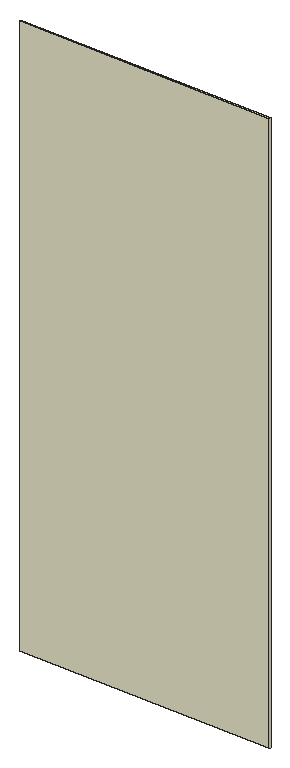
Revit family "MDF MR Chevron", category Generic Models, Revit 2017
Family settings
  Can host rebar = No
  Round Connector Dimension = Use Diameter
  Part Type = Normal
  Work Plane-Based = No
  Always vertical = Yes
  Cut with Voids When Loaded = No
  Shared = Yes
  Room Calculation Point = No
Parameters (values of type "2720 x 1200")
  Primed Finich Code = "EX27 MR-CHE"  # constant formula
  Panel_width = 1200 mm  # constant formula
  Panel_thickness = 9.5 mm  # constant formula
  Material = none
  URL = "https://www.easycraft.com.au/products/253/expression-series"
  Model = "Expression Series - Chevron"  # constant formula
  Manufacturer = "Easycraft Australia Pty Ltd ph 07 3906 7200"  # constant formula
  Panel_height = 2720 mm  # constant formula
  Description = "MDF MR"  # constant formula
  Assembly Code = ""
Reference planes
  plane 1 "Center (Front/Back)": y = 0
  plane 2: z = 0
  plane 3 "Center (Left/Right)": x = 0
  plane 4 "Panel face": y = -9.5
  plane 5: z = 2720
Forms (mm)
  Extrusion 1, solid, material "CLAD smooth"
    sketch origin (0, 0, 0) x (1, 0, 0) y (0, 1, 0)
      loop
        line (0, 0) -> (0, -9.5) -> (1200, -9.5) -> (1200, 0) -> (0, 0)
    from 0 to 2720
Lines and regions (mm)
  model lines, style "easycraft expressions pattern"
    curve 1: line (748.908, -10, 0) -> (748.908, -10, 2720)
    curve 2: line (450.864, -10, 0) -> (450.864, -10, 2720)
    curve 3: line (1200, -10, 58.221) -> (1141.551, -10, 0)
    curve 4: line (959.361, -10, 0) -> (899.799, -10, 59.562)
    curve 5: line (899.799, -10, 59.562) -> (840.003, -10, 0)
    curve 6: line (661.317, -10, 0) -> (601.755, -10, 59.562)
    curve 7: line (601.755, -10, 59.562) -> (538.689, -10, 0)
    curve 8: line (359.769, -10, 0) -> (300.207, -10, 59.562)
    curve 9: line (300.207, -10, 59.562) -> (240.645, -10, 0)
    curve 10: line (58.222, -10, 0) -> (0, -10, 58.222)
    curve 11: line (0, -10, 198.368) -> (149.317, -10, 49.051)
    curve 12: line (149.317, -10, 49.051) -> (300.207, -10, 199.708)
    curve 13: line (300.207, -10, 199.708) -> (450.864, -10, 49.051)
    curve 14: line (450.864, -10, 49.051) -> (601.755, -10, 199.708)
    curve 15: line (601.755, -10, 199.708) -> (748.908, -10, 49.051)
    curve 16: line (748.908, -10, 49.051) -> (899.799, -10, 199.708)
    curve 17: line (899.799, -10, 199.708) -> (1050.456, -10, 49.051)
    curve 18: line (1050.456, -10, 49.051) -> (1200, -10, 198.364)
    curve 19: line (1200, -10, 338.741) -> (1050.456, -10, 189.197)
    curve 20: line (1050.456, -10, 189.197) -> (899.799, -10, 340.088)
    curve 21: line (899.799, -10, 340.088) -> (748.908, -10, 189.197)
    curve 22: line (748.908, -10, 189.197) -> (601.755, -10, 340.088)
    curve 23: line (601.755, -10, 340.088) -> (450.864, -10, 189.197)
    curve 24: line (450.864, -10, 189.197) -> (300.207, -10, 340.088)
    curve 25: line (300.207, -10, 340.088) -> (149.317, -10, 189.197)
    curve 26: line (149.317, -10, 189.197) -> (0, -10, 338.746)
    curve 27: line (0, -10, 478.894) -> (149.317, -10, 329.577)
    curve 28: line (149.317, -10, 329.577) -> (300.207, -10, 480.234)
    curve 29: line (300.207, -10, 480.234) -> (450.864, -10, 329.577)
    curve 30: line (450.864, -10, 329.577) -> (601.755, -10, 480.234)
    curve 31: line (601.755, -10, 480.234) -> (748.908, -10, 329.577)
    curve 32: line (748.908, -10, 329.577) -> (899.799, -10, 480.234)
    curve 33: line (899.799, -10, 480.234) -> (1050.456, -10, 329.577)
    curve 34: line (1050.456, -10, 329.577) -> (1200, -10, 478.89)
    curve 35: line (1200, -10, 619.036) -> (1050.456, -10, 469.723)
    curve 36: line (1050.456, -10, 469.723) -> (899.799, -10, 620.38)
    curve 37: line (899.799, -10, 620.38) -> (748.908, -10, 469.723)
    curve 38: line (748.908, -10, 469.723) -> (601.755, -10, 620.38)
    curve 39: line (601.755, -10, 620.38) -> (450.864, -10, 469.723)
    curve 40: line (450.864, -10, 469.723) -> (300.207, -10, 620.38)
    curve 41: line (300.207, -10, 620.38) -> (149.317, -10, 469.723)
    curve 42: line (149.317, -10, 469.723) -> (0, -10, 619.04)
    curve 43: line (0, -10, 759.417) -> (149.317, -10, 609.869)
    curve 44: line (149.317, -10, 609.869) -> (300.207, -10, 760.759)
    curve 45: line (300.207, -10, 760.759) -> (450.864, -10, 609.869)
    curve 46: line (450.864, -10, 609.869) -> (601.755, -10, 760.759)
    curve 47: line (601.755, -10, 760.759) -> (748.908, -10, 609.869)
    curve 48: line (748.908, -10, 609.869) -> (899.799, -10, 760.759)
    curve 49: line (899.799, -10, 760.759) -> (1050.456, -10, 609.869)
    curve 50: line (1050.456, -10, 609.869) -> (1200, -10, 759.413)
    curve 51: line (1200, -10, 899.561) -> (1050.456, -10, 750.248)
    curve 52: line (1050.456, -10, 750.248) -> (899.799, -10, 900.905)
    curve 53: line (899.799, -10, 900.905) -> (748.908, -10, 750.248)
    curve 54: line (748.908, -10, 750.248) -> (601.755, -10, 900.905)
    curve 55: line (601.755, -10, 900.905) -> (450.864, -10, 750.248)
    curve 56: line (450.864, -10, 750.248) -> (300.207, -10, 900.905)
    curve 57: line (300.207, -10, 900.905) -> (149.317, -10, 750.248)
    curve 58: line (149.317, -10, 750.248) -> (0, -10, 899.565)
    curve 59: line (0, -10, 1039.711) -> (149.317, -10, 890.394)
    curve 60: line (149.317, -10, 890.394) -> (300.207, -10, 1041.051)
    curve 61: line (300.207, -10, 1041.051) -> (450.864, -10, 890.394)
    curve 62: line (450.864, -10, 890.394) -> (601.755, -10, 1041.051)
    curve 63: line (601.755, -10, 1041.051) -> (748.908, -10, 890.394)
    curve 64: line (748.908, -10, 890.394) -> (899.799, -10, 1041.051)
    curve 65: line (899.799, -10, 1041.051) -> (1050.456, -10, 890.394)
    curve 66: line (1050.456, -10, 890.394) -> (1200, -10, 1039.707)
    curve 67: line (1200, -10, 1179.853) -> (1050.456, -10, 1030.54)
    curve 68: line (1050.456, -10, 1030.54) -> (899.799, -10, 1181.197)
    curve 69: line (899.799, -10, 1181.197) -> (748.908, -10, 1030.54)
    curve 70: line (748.908, -10, 1030.54) -> (601.755, -10, 1181.197)
    curve 71: line (601.755, -10, 1181.197) -> (450.864, -10, 1030.54)
    curve 72: line (450.864, -10, 1030.54) -> (300.207, -10, 1181.197)
    curve 73: line (300.207, -10, 1181.197) -> (149.317, -10, 1030.54)
    curve 74: line (149.317, -10, 1030.54) -> (0, -10, 1179.857)
    curve 75: line (0, -10, 1320.235) -> (149.317, -10, 1170.686)
    curve 76: line (149.317, -10, 1170.686) -> (300.207, -10, 1321.577)
    curve 77: line (300.207, -10, 1321.577) -> (450.864, -10, 1170.686)
    curve 78: line (450.864, -10, 1170.686) -> (601.755, -10, 1321.577)
    curve 79: line (601.755, -10, 1321.577) -> (748.908, -10, 1170.686)
    curve 80: line (748.908, -10, 1170.686) -> (899.799, -10, 1321.577)
    curve 81: line (899.799, -10, 1321.577) -> (1050.456, -10, 1170.686)
    curve 82: line (1050.456, -10, 1170.686) -> (1200, -10, 1320.231)
    curve 83: line (1200, -10, 1460.379) -> (1050.456, -10, 1311.066)
    curve 84: line (1050.456, -10, 1311.066) -> (899.799, -10, 1461.723)
    curve 85: line (899.799, -10, 1461.723) -> (748.908, -10, 1311.066)
    curve 86: line (748.908, -10, 1311.066) -> (601.755, -10, 1461.723)
    curve 87: line (601.755, -10, 1461.723) -> (450.864, -10, 1311.066)
    curve 88: line (450.864, -10, 1311.066) -> (300.207, -10, 1461.723)
    curve 89: line (300.207, -10, 1461.723) -> (149.317, -10, 1311.066)
    curve 90: line (149.317, -10, 1311.066) -> (0, -10, 1460.383)
    curve 91: line (0, -10, 1600.529) -> (149.317, -10, 1451.212)
    curve 92: line (149.317, -10, 1451.212) -> (300.207, -10, 1601.869)
    curve 93: line (300.207, -10, 1601.869) -> (450.864, -10, 1451.212)
    curve 94: line (450.864, -10, 1451.212) -> (601.755, -10, 1601.869)
    curve 95: line (601.755, -10, 1601.869) -> (748.908, -10, 1451.212)
    curve 96: line (748.908, -10, 1451.212) -> (899.799, -10, 1601.869)
    curve 97: line (899.799, -10, 1601.869) -> (1050.456, -10, 1451.212)
    curve 98: line (1050.456, -10, 1451.212) -> (1200, -10, 1600.525)
    curve 99: line (1200, -10, 1737.198) -> (1050.456, -10, 1591.358)
    curve 100: line (1050.456, -10, 1591.358) -> (899.799, -10, 1738.511)
    curve 101: line (899.799, -10, 1738.511) -> (748.908, -10, 1591.358)
    curve 102: line (748.908, -10, 1591.358) -> (601.755, -10, 1738.511)
    curve 103: line (601.755, -10, 1738.511) -> (450.864, -10, 1591.358)
    curve 104: line (450.864, -10, 1591.358) -> (300.207, -10, 1738.511)
    curve 105: line (300.207, -10, 1738.511) -> (149.317, -10, 1591.358)
    curve 106: line (149.317, -10, 1591.358) -> (0, -10, 1737.202)
    curve 107: line (0, -10, 1877.58) -> (149.317, -10, 1731.504)
    curve 108: line (149.317, -10, 1731.504) -> (300.207, -10, 1878.891)
    curve 109: line (300.207, -10, 1878.891) -> (450.864, -10, 1731.504)
    curve 110: line (450.864, -10, 1731.504) -> (601.755, -10, 1878.891)
    curve 111: line (601.755, -10, 1878.891) -> (748.908, -10, 1731.504)
    curve 112: line (748.908, -10, 1731.504) -> (899.799, -10, 1878.891)
    curve 113: line (899.799, -10, 1878.891) -> (1050.456, -10, 1731.504)
    curve 114: line (1050.456, -10, 1731.504) -> (1200, -10, 1877.576)
    curve 115: line (1200, -10, 2017.724) -> (1050.456, -10, 1871.883)
    curve 116: line (1050.456, -10, 1871.883) -> (899.799, -10, 2019.036)
    curve 117: line (899.799, -10, 2019.036) -> (748.908, -10, 1871.883)
    curve 118: line (748.908, -10, 1871.883) -> (601.755, -10, 2019.036)
    curve 119: line (601.755, -10, 2019.036) -> (450.864, -10, 1871.883)
    curve 120: line (450.864, -10, 1871.883) -> (300.207, -10, 2019.036)
    curve 121: line (300.207, -10, 2019.036) -> (149.317, -10, 1871.883)
    curve 122: line (149.317, -10, 1871.883) -> (0, -10, 2017.728)
    curve 123: line (0, -10, 2157.842) -> (149.317, -10, 2008.526)
    curve 124: line (149.317, -10, 2008.526) -> (300.207, -10, 2159.182)
    curve 125: line (300.207, -10, 2159.182) -> (450.864, -10, 2008.526)
    curve 126: line (450.864, -10, 2008.526) -> (601.755, -10, 2159.182)
    curve 127: line (601.755, -10, 2159.182) -> (748.908, -10, 2008.526)
    curve 128: line (748.908, -10, 2008.526) -> (899.799, -10, 2159.182)
    curve 129: line (899.799, -10, 2159.182) -> (1050.456, -10, 2008.526)
    curve 130: line (1050.456, -10, 2008.526) -> (1200, -10, 2157.838)
    curve 131: line (1200, -10, 2297.984) -> (1050.456, -10, 2148.672)
    curve 132: line (1050.456, -10, 2148.672) -> (899.799, -10, 2299.328)
    curve 133: line (899.799, -10, 2299.328) -> (748.908, -10, 2148.672)
    curve 134: line (748.908, -10, 2148.672) -> (601.755, -10, 2299.328)
    curve 135: line (601.755, -10, 2299.328) -> (450.864, -10, 2148.672)
    curve 136: line (450.864, -10, 2148.672) -> (300.207, -10, 2299.328)
    curve 137: line (300.207, -10, 2299.328) -> (149.317, -10, 2148.672)
    curve 138: line (149.317, -10, 2148.672) -> (0, -10, 2297.988)
    curve 139: line (1200, -10, 2434.658) -> (1050.456, -10, 2288.818)
    curve 140: line (1050.456, -10, 2288.818) -> (899.799, -10, 2435.971)
    curve 141: line (899.799, -10, 2435.971) -> (748.908, -10, 2288.818)
    curve 142: line (748.908, -10, 2288.818) -> (601.755, -10, 2435.971)
    curve 143: line (601.755, -10, 2435.971) -> (450.864, -10, 2288.818)
    curve 144: line (450.864, -10, 2288.818) -> (300.207, -10, 2435.971)
    curve 145: line (300.207, -10, 2435.971) -> (149.317, -10, 2288.818)
    curve 146: line (149.317, -10, 2288.818) -> (0, -10, 2434.662)
    curve 147: line (0, -10, 2575.039) -> (149.317, -10, 2428.964)
    curve 148: line (149.317, -10, 2428.964) -> (300.207, -10, 2576.35)
    curve 149: line (300.207, -10, 2576.35) -> (450.864, -10, 2428.964)
    curve 150: line (450.864, -10, 2428.964) -> (601.755, -10, 2576.35)
    curve 151: line (601.755, -10, 2576.35) -> (748.908, -10, 2428.964)
    curve 152: line (748.908, -10, 2428.964) -> (899.799, -10, 2576.35)
    curve 153: line (899.799, -10, 2576.35) -> (1050.456, -10, 2428.964)
    curve 154: line (1050.456, -10, 2428.964) -> (1200, -10, 2575.035)
    curve 155: line (1200, -10, 2715.184) -> (1050.456, -10, 2569.343)
    curve 156: line (1050.456, -10, 2569.343) -> (899.799, -10, 2716.496)
    curve 157: line (899.799, -10, 2716.496) -> (748.908, -10, 2569.343)
    curve 158: line (748.908, -10, 2569.343) -> (601.755, -10, 2716.496)
    curve 159: line (601.755, -10, 2716.496) -> (450.864, -10, 2569.343)
    curve 160: line (450.864, -10, 2569.343) -> (300.207, -10, 2716.496)
    curve 161: line (300.207, -10, 2716.496) -> (149.317, -10, 2569.343)
    curve 162: line (149.317, -10, 2569.343) -> (0, -10, 2715.188)
    curve 163: line (135.302, -10, 2720) -> (149.317, -10, 2705.985)
    curve 164: line (149.317, -10, 2705.985) -> (163.353, -10, 2720)
    curve 165: line (436.85, -10, 2720) -> (450.864, -10, 2705.985)
    curve 166: line (450.864, -10, 2705.985) -> (464.901, -10, 2720)
    curve 167: line (735.219, -10, 2720) -> (748.908, -10, 2705.985)
    curve 168: line (748.908, -10, 2705.985) -> (762.945, -10, 2720)
    curve 169: line (1036.441, -10, 2720) -> (1050.456, -10, 2705.985)
    curve 170: line (1050.456, -10, 2705.985) -> (1064.492, -10, 2720)
    curve 171: line (149.317, -10, 0) -> (149.317, -10, 2720)
    curve 172: line (1050.456, -10, 0) -> (1050.456, -10, 2720)
    curve 173: line (300.207, -10, 0) -> (300.207, -10, 2720)
    curve 174: line (601.521, -10, 0) -> (601.521, -10, 2720)
    curve 175: line (899.799, -10, 0) -> (899.799, -10, 2720)
Dimensions and locks
  "Panel_thickness": plane 4 "Panel face" to plane 1 "Center (Front/Back)"
  "Panel_width": Extrusion 1 to Extrusion 1
  "Panel_height": plane 5 to plane 2
  aligned and locked: level to plane 2
  aligned and locked: Extrusion 1 to level
  aligned and locked: plane 4 "Panel face" to Extrusion 1
Automatic sketch dimensions
  curve 26 to plane 3 "Center (Left/Right)" = 0 mm
  curve 162 to plane 3 "Center (Left/Right)" = 0 mm
  curve 138 to plane 3 "Center (Left/Right)" = 0 mm
  curve 27 to plane 3 "Center (Left/Right)" = 0 mm
  curve 122 to plane 3 "Center (Left/Right)" = 0 mm
  curve 123 to plane 3 "Center (Left/Right)" = 0 mm
  curve 58 to plane 3 "Center (Left/Right)" = 0 mm
  curve 59 to plane 3 "Center (Left/Right)" = 0 mm
  curve 75 to plane 3 "Center (Left/Right)" = 0 mm
  curve 74 to plane 3 "Center (Left/Right)" = 0 mm
  curve 90 to plane 3 "Center (Left/Right)" = 0 mm
  curve 91 to plane 3 "Center (Left/Right)" = 0 mm
  curve 42 to plane 3 "Center (Left/Right)" = 0 mm
  curve 43 to plane 3 "Center (Left/Right)" = 0 mm
  curve 11 to plane 3 "Center (Left/Right)" = 0 mm
  curve 106 to plane 3 "Center (Left/Right)" = 0 mm
  curve 147 to plane 3 "Center (Left/Right)" = 0 mm
  curve 146 to plane 3 "Center (Left/Right)" = 0 mm
  curve 10 to plane 3 "Center (Left/Right)" = 0 mm
  curve 107 to plane 3 "Center (Left/Right)" = 0 mm
  curve 10 to level = 0 mm
  curve 171 to level = 0 mm
  curve 9 to level = 0 mm
  curve 173 to level = 0 mm
  curve 8 to level = 0 mm
  curve 2 to level = 0 mm
  curve 7 to level = 0 mm
  curve 174 to level = 0 mm
  curve 6 to level = 0 mm
  curve 1 to level = 0 mm
  curve 5 to level = 0 mm
  curve 175 to level = 0 mm
  curve 4 to level = 0 mm
  curve 172 to level = 0 mm
  curve 3 to level = 0 mm
  level to curve 12 = 49.051 mm
  plane 3 "Center (Left/Right)" to curve 12 = 149.317 mm
  plane 3 "Center (Left/Right)" to curve 146 = 149.317 mm
  plane 3 "Center (Left/Right)" to curve 44 = 149.317 mm
  plane 3 "Center (Left/Right)" to curve 108 = 149.317 mm
  curve 147 to curve 145 = 0 mm
  curve 107 to curve 106 = 0 mm
  plane 3 "Center (Left/Right)" to curve 60 = 149.317 mm
  curve 43 to curve 42 = 0 mm
  curve 105 to curve 92 = 0 mm
  plane 3 "Center (Left/Right)" to curve 164 = 149.317 mm
  plane 3 "Center (Left/Right)" to curve 124 = 149.317 mm
  curve 91 to curve 90 = 0 mm
  curve 73 to curve 59 = 0 mm
  curve 25 to curve 11 = 0 mm
  curve 59 to curve 57 = 0 mm
  curve 123 to curve 122 = 0 mm
  curve 41 to curve 27 = 0 mm
  curve 75 to curve 73 = 0 mm
  curve 163 to curve 161 = 0 mm
  curve 145 to curve 137 = 0 mm
  curve 145 to curve 137 = 150.891 mm
  curve 163 to curve 161 = 150.891 mm
  curve 41 to curve 29 = 150.891 mm
  curve 28 to curve 25 = 0 mm
  curve 89 to curve 77 = 150.891 mm
  curve 89 to curve 76 = 0 mm
  curve 76 to curve 73 = 0 mm
  curve 144 to curve 136 = 0 mm
  curve 40 to curve 28 = 0 mm
  curve 92 to curve 88 = 0 mm
  curve 104 to curve 92 = 0 mm
  curve 108 to curve 104 = 0 mm
  curve 44 to curve 40 = 0 mm
  curve 24 to curve 13 = 0 mm
  level to curve 9 = 59.562 mm
  curve 12 to curve 9 = 0 mm
  curve 72 to curve 61 = 0 mm
  curve 136 to curve 125 = 0 mm
  curve 121 to curve 108 = 0 mm
  curve 160 to curve 149 = 0 mm
  curve 60 to curve 57 = 0 mm
  curve 44 to curve 56 = 150.657 mm
  curve 144 to curve 149 = 150.657 mm
  curve 61 to curve 55 = 0 mm
  curve 160 to curve 166 = 150.657 mm
  curve 149 to curve 144 = 0 mm
  curve 71 to curve 61 = 0 mm
  curve 24 to curve 29 = 150.657 mm
  curve 78 to curve 71 = 0 mm  (x2)
  curve 165 to curve 159 = 0 mm
  curve 77 to curve 79 = 150.891 mm
  curve 120 to curve 118 = 301.547 mm
  curve 159 to curve 150 = 150.891 mm
  curve 150 to curve 143 = 0 mm
  curve 29 to curve 31 = 150.891 mm
  curve 158 to curve 150 = 0 mm
  level to curve 6 = 59.562 mm
  curve 8 to curve 6 = 301.547 mm
  curve 38 to curve 30 = 0 mm
  curve 86 to curve 78 = 0 mm
  curve 118 to curve 111 = 0 mm
  curve 30 to curve 23 = 0 mm
  curve 70 to curve 62 = 0 mm
  level to curve 14 = 199.708 mm
  curve 14 to curve 6 = 0 mm
  curve 46 to curve 38 = 0 mm
  curve 54 to curve 46 = 0 mm
  curve 94 to curve 86 = 0 mm
  curve 103 to curve 94 = 0 mm
  curve 126 to curve 118 = 0 mm
  curve 142 to curve 135 = 0 mm
  curve 38 to curve 48 = 147.153 mm
  curve 54 to curve 64 = 147.153 mm
  curve 118 to curve 127 = 147.153 mm
  curve 86 to curve 96 = 147.153 mm
  curve 158 to curve 167 = 147.153 mm
  curve 69 to curve 63 = 0 mm
  level to curve 21 = 189.197 mm
  curve 14 to curve 21 = 147.153 mm
  curve 167 to curve 158 = 0 mm
  curve 157 to curve 152 = 0 mm
  curve 95 to curve 86 = 0 mm
  curve 47 to curve 38 = 0 mm
  curve 151 to curve 141 = 0 mm
  curve 80 to curve 69 = 0 mm
  curve 63 to curve 53 = 0 mm
  curve 127 to curve 117 = 0 mm
  level to curve 4 = 59.562 mm
  curve 21 to curve 4 = 150.891 mm
  curve 127 to curve 116 = 150.891 mm
  level to curve 16 = 199.708 mm
  curve 16 to curve 4 = 0 mm
  curve 116 to curve 113 = 0 mm
  curve 112 to curve 101 = 0 mm
  level to curve 20 = 340.088 mm
  curve 20 to curve 16 = 0 mm
  curve 128 to curve 116 = 0 mm
  curve 32 to curve 20 = 0 mm
  curve 36 to curve 32 = 0 mm
  curve 48 to curve 36 = 0 mm
  curve 132 to curve 128 = 0 mm
  curve 167 to curve 157 = 150.891 mm
  curve 156 to curve 153 = 0 mm
  curve 100 to curve 97 = 0 mm  (x2)
  curve 96 to curve 85 = 0 mm
  curve 52 to curve 48 = 0 mm
  curve 64 to curve 52 = 0 mm
  curve 68 to curve 64 = 0 mm
  curve 140 to curve 132 = 0 mm
  curve 84 to curve 80 = 0 mm
  curve 132 to curve 139 = 150.657 mm
  curve 64 to curve 68 = 150.657 mm
  curve 112 to curve 116 = 150.657 mm
  curve 67 to curve 66 = 0 mm  (x2)
  curve 82 to curve 67 = 0 mm
  curve 83 to curve 81 = 0 mm
  curve 65 to curve 52 = 0 mm
  curve 156 to curve 170 = 150.657 mm
  curve 51 to curve 50 = 0 mm  (x2)
  curve 97 to curve 83 = 0 mm
  curve 153 to curve 139 = 0 mm
  curve 115 to curve 114 = 0 mm  (x2)
  curve 169 to curve 155 = 0 mm
  curve 139 to curve 132 = 0 mm
  level to curve 36 = 469.723 mm
  curve 49 to curve 36 = 0 mm
  level to curve 17 = 49.051 mm
  curve 4 to curve 17 = 150.657 mm
  level to curve 34 = 329.577 mm
  curve 35 to curve 34 = 0 mm  (x2)
  curve 130 to curve 115 = 0 mm  (x2)
  level to curve 19 = 189.197 mm
  curve 19 to curve 17 = 0 mm
  curve 11 to curve 26 = 140.146 mm
  curve 8 to curve 13 = 140.146 mm
  curve 12 to curve 30 = 129.869 mm
  curve 25 to curve 28 = 140.38 mm
  curve 14 to curve 22 = 140.38 mm
  curve 12 to curve 25 = 140.38 mm
  curve 27 to curve 41 = 140.146 mm
  curve 22 to curve 38 = 129.635 mm
  curve 22 to curve 30 = 140.146 mm
  curve 20 to curve 33 = 140.146 mm
  curve 24 to curve 28 = 140.146 mm
  curve 37 to curve 48 = 140.146 mm
  curve 35 to curve 49 = 140.146 mm
  curve 41 to curve 44 = 140.146 mm
  curve 28 to curve 40 = 140.146 mm
  curve 30 to curve 39 = 140.146 mm
  curve 32 to curve 36 = 140.146 mm
  curve 47 to curve 54 = 140.38 mm
  curve 43 to curve 58 = 140.38 mm
  curve 40 to curve 55 = 129.869 mm
  curve 49 to curve 51 = 140.38 mm
  curve 38 to curve 46 = 140.38 mm
  curve 40 to curve 45 = 140.38 mm
  curve 36 to curve 48 = 140.38 mm
  curve 51 to curve 66 = 140.146 mm  (x2)
  curve 53 to curve 64 = 140.146 mm
  curve 55 to curve 62 = 140.146 mm
  curve 57 to curve 60 = 140.146 mm
  curve 46 to curve 54 = 140.146 mm
  curve 44 to curve 57 = 140.146 mm
  curve 48 to curve 52 = 140.146 mm
  curve 59 to curve 74 = 140.146 mm  (x2)
  curve 61 to curve 72 = 140.146 mm
  curve 63 to curve 70 = 140.146 mm
  curve 65 to curve 67 = 140.146 mm
  curve 52 to curve 64 = 140.146 mm
  curve 54 to curve 62 = 140.146 mm
  curve 56 to curve 60 = 140.146 mm
  curve 71 to curve 78 = 140.146 mm
  curve 67 to curve 82 = 140.146 mm
  curve 69 to curve 79 = 140.146 mm
  curve 73 to curve 75 = 140.146 mm
  curve 62 to curve 71 = 140.146 mm
  curve 64 to curve 69 = 140.146 mm
  curve 60 to curve 72 = 140.146 mm
  curve 75 to curve 89 = 140.38 mm
  curve 79 to curve 86 = 140.38 mm
  curve 81 to curve 84 = 140.38 mm
  curve 70 to curve 78 = 140.38 mm
  curve 68 to curve 81 = 140.38 mm
  curve 72 to curve 76 = 140.38 mm
  curve 85 to curve 96 = 140.146 mm
  curve 83 to curve 97 = 140.146 mm
  curve 89 to curve 92 = 140.146 mm
  curve 78 to curve 86 = 140.146 mm
  curve 76 to curve 89 = 140.146 mm
  curve 80 to curve 84 = 140.146 mm
  curve 91 to curve 105 = 140.146 mm
  curve 97 to curve 99 = 140.146 mm
  curve 88 to curve 93 = 140.146 mm
  curve 84 to curve 97 = 140.146 mm
  curve 86 to curve 95 = 140.146 mm
  curve 99 to curve 114 = 140.146 mm
  curve 105 to curve 107 = 140.146 mm
  curve 94 to curve 103 = 136.642 mm
  curve 96 to curve 100 = 136.642 mm
  curve 92 to curve 105 = 136.642 mm
  curve 102 to curve 118 = 133.372 mm
  curve 113 to curve 115 = 140.38 mm
  curve 102 to curve 110 = 140.38 mm
  curve 104 to curve 109 = 140.38 mm
  curve 100 to curve 112 = 140.38 mm
  curve 115 to curve 129 = 136.642 mm
  curve 117 to curve 128 = 136.642 mm
  curve 121 to curve 123 = 136.642 mm
  curve 112 to curve 117 = 140.146 mm
  curve 108 to curve 121 = 140.146 mm
  curve 110 to curve 119 = 140.146 mm
  curve 123 to curve 138 = 140.146 mm  (x2)
  curve 131 to curve 139 = 140.146 mm
  curve 118 to curve 126 = 140.146 mm
  curve 120 to curve 124 = 140.146 mm
  curve 116 to curve 129 = 140.146 mm
  curve 142 to curve 151 = 140.146 mm
  curve 124 to curve 143 = 129.635 mm
  curve 137 to curve 145 = 140.146 mm
  curve 126 to curve 135 = 140.146 mm
  curve 124 to curve 136 = 140.146 mm
  curve 143 to curve 150 = 140.146 mm
  curve 145 to curve 147 = 140.146 mm
  curve 134 to curve 143 = 136.642 mm
  curve 136 to curve 145 = 136.642 mm
  curve 161 to curve 163 = 136.642 mm
  curve 148 to curve 160 = 140.146 mm
  plane 3 "Center (Left/Right)" to curve 10 = 58.222 mm
  curve 163 to curve 163 = 14.015 mm
  curve 11 to curve 171 = 0 mm
  curve 171 to curve 164 = 14.036 mm
  curve 9 to curve 8 = 59.562 mm
  curve 173 to curve 8 = 59.562 mm
  curve 165 to curve 165 = 14.015 mm  (x2)
  curve 108 to curve 119 = 150.657 mm
  curve 2 to curve 166 = 14.036 mm
  curve 7 to curve 6 = 63.066 mm
  curve 174 to curve 6 = 0.234 mm
  curve 174 to curve 6 = 59.796 mm
  curve 167 to curve 167 = 13.689 mm
  curve 141 to curve 134 = 0 mm
  curve 1 to curve 168 = 14.036 mm
  curve 5 to curve 4 = 59.796 mm
  curve 4 to curve 175 = 0 mm
  curve 175 to curve 4 = 59.562 mm
  curve 169 to curve 169 = 14.015 mm  (x2)
  curve 169 to curve 172 = 14.015 mm  (x2)
  curve 172 to curve 170 = 14.036 mm
  curve 172 to curve 3 = 91.095 mm
  level to curve 18 = 198.364 mm
  curve 19 to curve 18 = 149.544 mm
  level to curve 34 = 478.89 mm
  curve 35 to curve 34 = 149.544 mm
  curve 139 to curve 131 = 149.544 mm
  curve 99 to curve 98 = 149.544 mm
  curve 170 to curve 155 = 135.508 mm
  curve 155 to curve 154 = 0 mm
  level to curve 19 = 338.741 mm
  curve 34 to curve 19 = 0 mm
  curve 65 to curve 51 = 149.544 mm
  curve 99 to curve 98 = 0 mm
  curve 114 to curve 99 = 0 mm
  curve 98 to curve 83 = 0 mm
  curve 83 to curve 82 = 0 mm
  curve 139 to curve 131 = 0 mm
  curve 66 to curve 51 = 0 mm
  level to curve 3 = 58.221 mm
  curve 3 to curve 3 = 58.449 mm
  curve 1 to curve 16 = 49.051 mm
  curve 15 to curve 16 = 0 mm
  curve 2 to curve 14 = 49.051 mm
  curve 13 to curve 14 = 0 mm
  level to curve 10 = 58.222 mm
  curve 13 to curve 23 = 140.146 mm
  curve 24 to curve 23 = 0 mm
  curve 10 to curve 11 = 140.146 mm
  curve 32 to curve 37 = 140.146 mm
  curve 31 to curve 32 = 0 mm
  curve 11 to curve 26 = 140.377 mm
  curve 29 to curve 40 = 140.146 mm
  curve 39 to curve 40 = 0 mm
  curve 26 to curve 27 = 140.148 mm
  curve 39 to curve 46 = 140.146 mm
  curve 45 to curve 46 = 0 mm
  curve 34 to curve 35 = 140.146 mm
  curve 27 to curve 42 = 140.146 mm
  curve 35 to curve 50 = 140.377 mm
  curve 42 to curve 43 = 140.377 mm
  curve 50 to curve 51 = 140.148 mm
  curve 43 to curve 58 = 140.148 mm
  curve 58 to curve 59 = 140.146 mm
  curve 66 to curve 67 = 140.146 mm
  curve 77 to curve 88 = 140.38 mm
  curve 87 to curve 88 = 0 mm
  curve 67 to curve 82 = 140.377 mm
  curve 74 to curve 75 = 140.377 mm
  curve 88 to curve 94 = 140.146 mm
  curve 93 to curve 94 = 0 mm
  curve 82 to curve 83 = 140.148 mm
  curve 75 to curve 90 = 140.148 mm
  curve 95 to curve 101 = 140.146 mm
  curve 94 to curve 104 = 140.146 mm
  curve 103 to curve 104 = 0 mm
  curve 102 to curve 101 = 0 mm
  curve 83 to curve 98 = 140.146 mm
  curve 90 to curve 91 = 140.146 mm
  curve 101 to curve 111 = 140.146 mm
  curve 112 to curve 111 = 0 mm
  curve 104 to curve 110 = 140.146 mm
  curve 109 to curve 110 = 0 mm
  curve 98 to curve 99 = 136.674 mm
  curve 91 to curve 106 = 136.673 mm
  curve 110 to curve 120 = 140.38 mm
  curve 119 to curve 120 = 0 mm
  curve 99 to curve 114 = 140.377 mm
  curve 106 to curve 107 = 140.377 mm
  curve 120 to curve 125 = 136.642 mm
  curve 126 to curve 125 = 0 mm
  curve 115 to curve 130 = 140.115 mm
  curve 107 to curve 122 = 140.148 mm
  curve 135 to curve 143 = 140.146 mm
  curve 136 to curve 135 = 0 mm
  curve 134 to curve 141 = 140.146 mm
  curve 133 to curve 134 = 0 mm
  curve 122 to curve 123 = 140.115 mm
  curve 138 to curve 146 = 136.673 mm
  curve 146 to curve 147 = 140.377 mm
  curve 129 to curve 131 = 140.146 mm
  curve 142 to curve 134 = 10.511 mm
  curve 128 to curve 133 = 140.146 mm
  curve 139 to curve 154 = 140.146 mm
  curve 132 to curve 140 = 136.642 mm
  curve 151 to curve 158 = 140.38 mm
  curve 147 to curve 161 = 140.38 mm
  curve 149 to curve 159 = 140.38 mm
  curve 153 to curve 155 = 140.38 mm
  curve 142 to curve 150 = 140.38 mm
  curve 144 to curve 148 = 140.38 mm
  curve 140 to curve 152 = 140.38 mm
  curve 157 to curve 168 = 136.642 mm
  curve 155 to curve 169 = 136.642 mm
  curve 159 to curve 166 = 136.642 mm
  curve 150 to curve 158 = 140.146 mm
  curve 152 to curve 157 = 140.146 mm
  curve 114 to curve 115 = 140.148 mm
  curve 130 to curve 131 = 140.146 mm
  curve 131 to curve 139 = 136.674 mm
  curve 139 to curve 154 = 140.377 mm
  curve 154 to curve 155 = 140.148 mm
  curve 147 to curve 162 = 140.148 mm
  curve 167 to curve 168 = 14.015 mm
  curve 167 to curve 167 = 14.015 mm
  curve 165 to curve 166 = 14.015 mm
  curve 169 to curve 170 = 14.015 mm
  curve 163 to curve 171 = 14.015 mm
  curve 171 to curve 164 = 0 mm
  curve 163 to curve 171 = 0 mm
  curve 160 to curve 173 = 3.504 mm
  curve 165 to curve 2 = 14.015 mm
  curve 158 to curve 174 = 3.504 mm
  curve 167 to curve 1 = 0 mm
  curve 156 to curve 175 = 3.504 mm
  curve 107 to curve 122 = 140.38 mm
  Extrusion 1 sketch curve to plane 3 "Center (Left/Right)" = 0 mm
  plane 4 "Panel face" to Extrusion 1 sketch curve = 0 mm
  plane 1 "Center (Front/Back)" to Extrusion 1 sketch curve = 0 mm
  Extrusion 1 sketch curve to Extrusion 1 sketch curve = 1200 mm
